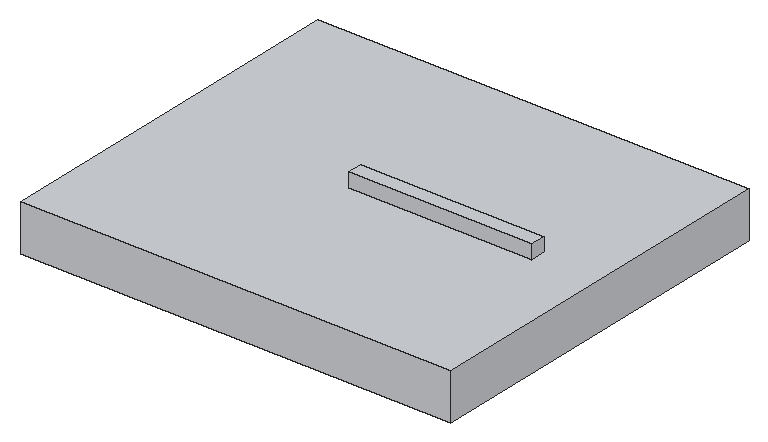
Revit family "M_Faixas de iluminação", category Luminárias, Revit 2019
Family settings
  Hospedeiro = Face
  Cota do conector redondo = Utilizar diâmetro
  Tipo de parte = Normal
  Número OmniClass = 23.80.70.11.11
  Título OmniClass = General Luminaries, Non Directional
  ID de item do Seek = Strip Lighting Fixtures-0000-CAN-ENU
  Corte com vazios quando carregada = Não
  Fonte luminosa = Sim
  Compartilhado = Não
  Ponto de cálculo do ambiente = Não
Parameters (values of type "1200 1 lâmpada - 120")
  Largura = 100 mm
  Wattage = 32 W
  built-in parameter 1150110 = 1 (stored number, unit not read)
  built-in parameter 1150109 = 1 (stored number, unit not read)
  built-in parameter 1150134 = 8
  built-in parameter 1150113 = 1 (stored number, unit not read)
  Tilt Angle = -90.00°
  Lumens = 3049.92 lm
  built-in parameter 1114217 = 0.88 (stored number, unit not read)
  built-in parameter 1150115 = 1 (stored number, unit not read)
  built-in parameter 1150105 = 242.7 (stored number, unit not read)
  Classificação de carga = Iluminação - Unidade de interrupção
  built-in parameter 1150137 = 1
  built-in parameter 1150139 = (empty or 0)
  Comprimento = 1200 mm
  Arquivo de rede fotométrica = "ST41.ies"
  built-in parameter 1150112 = 1 (stored number, unit not read)
  built-in parameter 1150114 = 1 (stored number, unit not read)
  built-in parameter 1150132 = (empty or 0)
  built-in parameter 1150102 = (empty or 0)
  built-in parameter 1150138 = (empty or 0)
  built-in parameter 1150107 = 4230 (stored number, unit not read)
  built-in parameter 1150106 = 2.427 (stored number, unit not read)
  Emitir da largura do retângulo = Largura  # 100 mm
  Emitir do comprimento do retângulo = Comprimento  # 1200 mm
  Emit Shape Visible in Rendering = no
  built-in parameter 1150104 = 8.8546 (stored number, unit not read)
  Dimming Lamp Color Temperature Shift = (empty or 0)
  Linear = 90 mm
  Elevação-padrão = 2000 mm
  Color Filter = 16777215
  built-in parameter 1140040 [instance] = 1
  Voltagem do transformador = 120 V
  built-in parameter 1114218 = 0.88 (stored number, unit not read)
  built-in parameter 1150133 = 10 (stored number, unit not read)
  Assembly Code = ""
  Apparent Load = 32 VA
Types (4, lengths in mm): name | Wattage | Lumens | built-in parameter 1150105 | Arquivo de rede fotométrica | built-in parameter 1150106 | built-in parameter 1150104 | Voltagem do transformador | Apparent Load
  1200 1 lâmpada - 120 | 32 W | 3049.92 lm | 242.7 (stored number, unit not read) | "ST41.ies" | 2.427 (stored number, unit not read) | 8.8546 (stored number, unit not read) | 120 V | 32 VA
  1200 1 lâmpada - 277 | 32 W | 3049.92 lm | 242.7 (stored number, unit not read) | "ST41.ies" | 2.427 (stored number, unit not read) | 8.8546 (stored number, unit not read) | 277 V | 32 VA
  1200 2 lâmpadas - 120 | 64 W | 5800.32 lm | 461.57 (stored number, unit not read) | "ST42.ies" | 4.6157 (stored number, unit not read) | 8.4198 (stored number, unit not read) | 120 V | 64 VA
  1200 2 lâmpadas - 277 | 64 W | 5800.32 lm | 461.57 (stored number, unit not read) | "ST42.ies" | 4.6157 (stored number, unit not read) | 8.4198 (stored number, unit not read) | 277 V | 32 VA
Reference planes
  plane 1 "Centro (Frente/Trás)": y = 0
  plane 2: z = 0
  plane 3 "Centro (Esquerda/Direita)": x = 0
  plane 4: y = 50
  plane 5: y = -50
  plane 6: x = 1200
  plane 7: x = 600
  plane 8: z = 90
Forms (mm)
  Extrusion 1, solid
    sketch origin (0, 0, 0) x (1, 0, 0) y (0, 1, 0)
      loop
        line (-1219.2, 1219.2) -> (-1219.2, -1219.2) -> (1604.03, -1219.2) -> (1604.03, 1219.2) -> (-1219.2, 1219.2)
    from 0 to -304.8
  Extrusion 2, solid
    sketch origin (0, 0, 0) x (1, 0, 0) y (0, 1, 0)
      loop
        line (0, 50) -> (0, -50) -> (1200, -50) -> (1200, 50) -> (0, 50)
    from 0 to 90
Lines and regions (mm)
  symbolic lines, detail levels fine
    curve 1: line (0, 50, 0) -> (1200, 50, 0)
    curve 2: line (0, -50, 0) -> (0, 50, 0)
    curve 3: line (1200, -50, 0) -> (0, -50, 0)
    curve 4: line (1200, 50, 0) -> (1200, -50, 0)
Dimensions and locks
  equal spacing: plane 4, plane 1 "Centro (Frente/Trás)", plane 5
  "Largura": plane 4 to plane 5
  "Comprimento": plane 3 "Centro (Esquerda/Direita)" to plane 6
  equal spacing: plane 3 "Centro (Esquerda/Direita)", plane 7, plane 6
  "Linear": plane 8 to Extrusion 1
  aligned and locked: plane 2 to Extrusion 1
  aligned and locked: level to Extrusion 1
  aligned and locked: plane 3 "Centro (Esquerda/Direita)" to Extrusion 2 sketch curve
  aligned and locked: Extrusion 2 sketch curve to plane 4
  aligned and locked: plane 5 to Extrusion 2 sketch curve
  aligned and locked: Extrusion 2 sketch curve to plane 6
  aligned and locked: plane 4 to Extrusion 2
  aligned and locked: Extrusion 2 to plane 3 "Centro (Esquerda/Direita)"
  aligned and locked: plane 6 to Extrusion 2
  aligned and locked: Extrusion 2 to plane 5
  aligned and locked: plane 3 "Centro (Esquerda/Direita)" to curve 1
  aligned and locked: curve 1 to plane 4
  aligned and locked: plane 5 to curve 4
  aligned and locked: curve 4 to plane 6
  aligned and locked: plane 8 to Extrusion 2
  aligned and locked: plane 3 "Centro (Esquerda/Direita)" to nested 1
  aligned and locked: plane 1 "Centro (Frente/Trás)" to nested 1
  aligned and locked: imposter light to plane 7
  aligned and locked: imposter light to plane 1 "Centro (Frente/Trás)"
  aligned and locked: plane 8 to imposter light
Automatic sketch dimensions
  Extrusion 1 sketch curve to Extrusion 1 sketch curve = 2823.23 mm
  Extrusion 1 sketch curve to Extrusion 1 sketch curve = 2438.4 mm
Nested families
  nested 1: "M_Detalhe da listra" at (0, 444.5, 0), Largura <- "Largura", Comprimento <- "Comprimento", type "Detalhes da faixa", detail levels coarse+medium
    with Largura 100 mm, Raio 50 mm, Comprimento1 550 mm, Comprimento 1200 mm
Connectors
  electrical at (600, 0, 0), driven by "Apparent Load", driven by "Voltagem do transformador", driven by "Classificação de carga"
    settings: on Extrusion 2, index 1, voltage 120 V, apparent load 0 VA, apparent load phase1 32 VA, apparent load phase2 0 VA, apparent load phase3 0 VA, power factor 0.95, load classification "Iluminação - Unidade de interrupção", number of poles 1, system type 31, power factor state 1, is connector primary yes, connector utility no, sub classification motor no, connector description ""
Definition of nested family "M_Detalhe da listra"
  Parameters
    Largura [instance] = 914.4 mm
    Raio [instance] = Largura / 2  # 457.2 mm
    Comprimento1 [instance] = Comprimento / 2 - Raio  # 762 mm
    Comprimento [instance] = 2438.4 mm
    Assembly Code = ""
  Reference planes
    plane 1 "Centro (Frente/Trás)": y = -444.5
    plane 2: z = 0
    plane 3 "Centro (Esquerda/Direita)": x = 0
    plane 4: y = 12.7
    plane 5: y = -901.7
    plane 6: x = 2438.4
  Lines and regions (mm)
    detail lines, in view "Nível de referência"
      curve 1: line (0, 12.7, 0) -> (0, -901.7, 0)
      curve 2: line (2438.4, 12.7, 0) -> (2438.4, -901.7, 0)
      curve 3: circle (1219.2, -444.5, 0) r 457.2 normal (0, 0, 1)
      curve 4: line (0, -444.5, 0) -> (762, -444.5, 0)
      curve 5: line (2438.4, -444.5, 0) -> (1676.4, -444.5, 0)
  Dimensions and locks
    "Comprimento": plane 3 "Centro (Esquerda/Direita)" to plane 6
    "Largura": plane 4 to plane 5
    equal spacing: plane 4, plane 1 "Centro (Frente/Trás)", plane 5
    "Comprimento1": curve 1 to curve 3
    "Raio": radius of curve 3
    aligned and locked: curve 1 to plane 3 "Centro (Esquerda/Direita)"
    aligned and locked: plane 4 to curve 2
    aligned and locked: curve 2 to plane 6
  Automatic sketch dimensions
    curve 4 to plane 1 "Centro (Frente/Trás)" = 0 mm
    curve 3 to plane 1 "Centro (Frente/Trás)" = 0 mm
    curve 5 to plane 1 "Centro (Frente/Trás)" = 0 mm
    curve 1 to plane 5 = 0 mm
    curve 2 to plane 5 = 0 mm
    curve 1 to plane 4 = 0 mm
